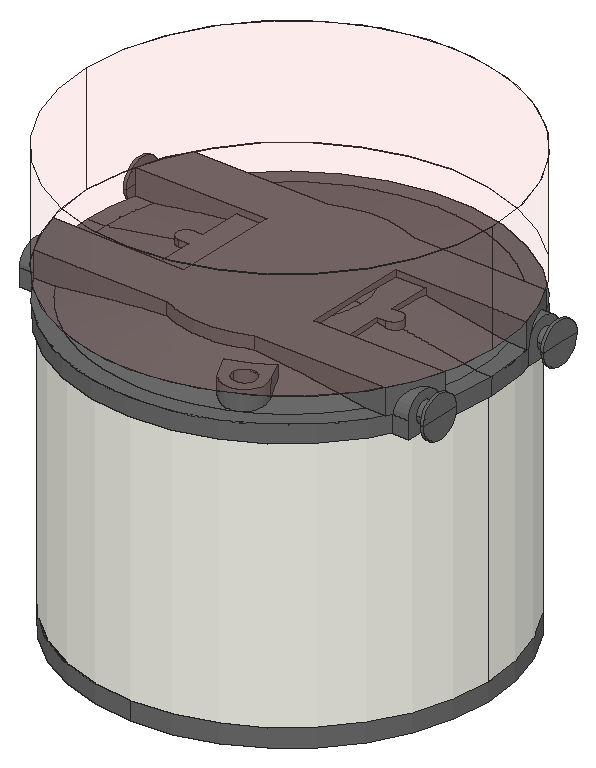
Revit family
Parameters (values of type "1098C3F")
  Watermarked By = "http://revitwatermark.com"
  Water_Ice Tank Volume = "980 Gallons"
  Warning = "Ice tanks are a component in an ice storage system including chillers, pumps, and controls. Contact CALMAC for IceBank® selection support to make sure all system components will work together properly."
  URL = "http://www.calmac.com/"
  Total Cooling Capacity [instance] = 0.0 ton
  Tank Net Usable Capacity = "98 Ton-Hrs"
  Product Page URL = "http://www.calmac.com/products/icebank.asp"
  Is Tank 1 Front Right Connector Visible = not(CTRL Off)  # yes
  Is Tank 1 Front Left Connector Visible = not(CTRL On)  # no
  Is Tank 1 Back Right Connector Visible = not(CTRL Off)  # yes
  Is Tank 1 Back Left Connector Visible = not(CTRL Off)  # yes
  Surface Finish = Plastic- Calmac- Black
  Supply Coolant Temperature [instance] = -459.67 °F
  Storage Inlet Temperature [instance] = 60 °F
  Shipping Weight = 1275.00 lbf
  Return Coolant Temperature [instance] = -459.67 °F
  Requires Plate Heat Exchanger [instance] = no
  Project/Customer = ""
  Product Documentation Link = "http://www.calmac.com/products/documents/CS-64Model1098C3FAug2007.pdf"
  Pressure Drop [instance] = 0.00 psi
  Precool Hours [instance] = 0
  Pipe Material = Plastic- Calmac- Black
  Operating Weight = 10235.00 lbf
  Occupied Hours [instance] = 0
  Model = "1098C"
  Maximum Operating Temperature = "38°C"
  Maximum Operating Pressure = "620 kPa"
  Manufacturer e-mail = "info@Calmac.com"
  Manufacturer Contact Details = "CALMAC Manufacturing Corporation Headquarters, 3-00 Banta Place, Fair Lawn, NJ  07410, Tel: (201) 797-1511, Fax: (201) 797-1522"
  Manufacturer = "CALMAC Manufacturing Corp."  # constant formula
  Main Use [instance] = ""
  Location [instance] = ""
  Lid Type = Cooling_Plant_Accessories-Calmac-IceBank-Lid_C : Lid-C
  Lid Diameter = 89"  # constant formula
  Leg 4 = 46"  # constant formula
  Leg 1 = 46"  # constant formula
  Latent Cooling Capacity [instance] = 0.0 ton
  Inlet Outlet Center Height = 64"  # constant formula
  Heat Exchanger Volume = "90 Gallons"
  Has Rigging Bar [instance] = no
  Has Plate and Frame Heat Exchanger [instance] = no
  Has Ice Inventory Meter [instance] = no
  Has Heat Transfer Fluid [instance] = no
  Has Glycol Management System [instance] = no
  Floor Loading Weight = "237 lb/sq.ft."
  Factory Tested Pressure = "1724 kPa"
  Diversity Factor [instance] = 0
  Discharge Rate [instance] = 0
  Discharge Hours [instance] = 0
  Description = "Off-Peak Cooling System"
  Is Clearance Box Visible [instance] = yes
  Clearance Box Height = 24"  # constant formula
  City/State [instance] = ""
  CTRL On = yes
  CTRL Off = not(CTRL On)  # no
  CTRL Hydronic Supply Description = "Hydronic Supply"  # constant formula
  CTRL Hydronic Return Description = "Hydronic Return"  # constant formula
  CTRL Base Radius = 43 31/64"
  Body Material = Plastic- Calmac- Off_White
  Has Solid Base [instance] = yes
  Base Height = Inlet Outlet Center Height - 3 3/4"  # 60 1/4"
  Base Finish = Plastic- Calmac- Black
  Assembly Code = "D3030300"
  Actual Chilled Water Flow [instance] = 0 GPM
Reference planes (in)
  plane 1 "Center (Front/Back)": y = 0
  plane 2 "Bottom": z = 0
  plane 3 "Center (Left/Right)": x = 0
  plane 4 "T.O. Base": z = 60.25
  plane 5 "Inlet/Outlet Center (Elevation)": z = 64
  plane 6 "Right Connector Face": x = 46
  plane 7 "Left Connector Face": x = -46
  plane 8 "T.O. Lid": z = 69.5
  plane 9 "Top": z = 93.5
  plane 10 "Front Connector Center (F/B)": y = -16.5
  plane 11 "Back Connector Center (F/B)": y = 16.5
  plane 12 "Back": y = 44.5
  plane 13 "Front": y = -44.5
Dimensions and locks (in)
  locked: plane 5 "Inlet/Outlet Center (Elevation)" to plane 4 "T.O. Base" at 3.75
  "Inlet Outlet Center Height": plane 5 "Inlet/Outlet Center (Elevation)" to plane 2 "Bottom"
  "Leg 1": plane 3 "Center (Left/Right)" to plane 6 "Right Connector Face"
  "Leg 4": plane 7 "Left Connector Face" to plane 3 "Center (Left/Right)"
  locked: plane 8 "T.O. Lid" to plane 5 "Inlet/Outlet Center (Elevation)" at 5.5
  locked: plane 1 "Center (Front/Back)" to plane 11 "Back Connector Center (F/B)" at 16.5
  locked: plane 10 "Front Connector Center (F/B)" to plane 1 "Center (Front/Back)" at 16.5
  locked: plane 1 "Center (Front/Back)" to plane 12 "Back" at 44.5
  locked: plane 13 "Front" to plane 1 "Center (Front/Back)" at 44.5
  "Clearance Box Height": plane 9 "Top" to plane 8 "T.O. Lid"
  plane 7 "Left Connector Face" to plane 6 "Right Connector Face" = 92"
  plane 13 "Front" to plane 12 "Back" = 89"
  aligned and locked: plane 1 "Center (Front/Back)" to nested 1
  aligned and locked: plane 3 "Center (Left/Right)" to nested 1
  aligned and locked: plane 3 "Center (Left/Right)" to nested 2
  aligned and locked: plane 1 "Center (Front/Back)" to nested 2
  aligned and locked: plane 4 "T.O. Base" to nested 2
  aligned and locked: plane 2 "Bottom" to nested 1
Nested families (in)
  nested 1: "Cooling_Plant_Accessories-Calmac-IceBank-Base" at (0, 0, 0), type "Base"
    with Is Symbolic Line Visible no, Has Solid Base yes, CTRL Inner Wall Radius 42 39/64", CTRL Base Radius 43 31/64", Base Height 60 1/4"
  nested 2: "Cooling_Plant_Accessories-Calmac-IceBank-Lid_C" at (0, 0, 60.25), type <- "Lid Type", Is Front Right  Flanged Connector Visibility <- "Is Tank 1 Front Right Connector Visible", Is Front Left  Flanged Connector Visibility <- "Is Tank 1 Front Left Connector Visible", Is Clearance Box Visible <- "Is Clearance Box Visible", Is Back Right Flanged Connector Visibility <- "Is Tank 1 Back Right Connector Visible", Is Back Left  Flanged Connector Visibility <- "Is Tank 1 Back Left Connector Visible", Diameter <- "Lid Diameter", Clearance Box Height <- "Clearance Box Height", type "Lid-C"
    with Is Front Right  Flanged Connector Visibility yes, Is Front Left  Flanged Connector Visibility no, Is Clearance Box Visible yes, Is Back Right Flanged Connector Visibility yes, Is Back Left  Flanged Connector Visibility yes, Diameter 89", Clearance Box Height 24", CTRL Radius 44 1/2"
Connectors (in)
  piping at (46.0007, -16.5, 64), driven by "CTRL Hydronic Return Description", driven by "Actual Chilled Water Flow"
    settings: on nested 2, index 2, connector radius 2", flow factor 0, pipe flow 0 GPM, pressure drop 0.00 psi, fitting loss kfactor 0, connector angle 0.00°, fixture units 0, flow configuration 0, flow direction 1, fitting loss method 0, system type 8, connector reference index -1, connector utility 0, adjustable connector no, is connector primary yes, fitting loss table "", connector description "Hydronic Return"
  piping at (46.0007, 16.5, 64), driven by "CTRL Hydronic Supply Description", driven by "Actual Chilled Water Flow"
    settings: on nested 2, index 3, connector radius 2", flow factor 0, pipe flow 0 GPM, pressure drop 0.00 psi, fitting loss kfactor 0, connector angle 0.00°, fixture units 0, flow configuration 0, flow direction 2, fitting loss method 0, system type 7, connector reference index -1, connector utility 0, adjustable connector no, is connector primary no, fitting loss table "", connector description "Hydronic Supply"
  piping at (-46.0007, 16.5, 64)
    settings: on nested 2, index 4, connector radius 2", flow factor 0, pipe flow 0 GPM, pressure drop 0.00 psi, fitting loss kfactor 0, connector angle 0.00°, fixture units 0, flow configuration 0, flow direction 0, fitting loss method 0, system type 7, connector reference index -1, connector utility 0, adjustable connector no, is connector primary no, fitting loss table "", connector description ""
Definition of nested family "Cooling_Plant_Accessories-Calmac-IceBank-Base"
  Parameters (values of type "Base")
    Wall Thickness = 7/8"
    URL = "http://www.calmac.com/"
    Type Comments = ""
    Is Symbolic Line Visible = not(Has Solid Base)  # yes
    Has Solid Base = no
    Model = ""
    Manufacturer = "CALMAC Manufacturing Corp."  # constant formula
    CTRL Inner Wall Radius = CTRL Base Radius - Wall Thickness  # 36"
    CTRL Base Radius = 36 7/8"
    Body Material = Plastic- Calmac- Off_White
    Base Height = 43 5/16"
    Base Finish = Plastic- Calmac- Black
    Assembly Code = "D3030"
  Reference planes (in)
    plane 1 "Center (Front/Back)": y = 0
    plane 2 "Bottom": z = 0
    plane 3 "Center (Left/Right)": x = 0
    plane 4 "Back": y = 36.875
    plane 5 "Front": y = -36.875
    plane 6 "Right": x = 36.875
    plane 7 "Left": x = -36.875
    plane 8 "T.O. Base Plate": z = 4
    plane 9 "Right Edge of Right Void": x = 24.125
    plane 10 "Left Edge of Right Void": x = 13.125
    plane 11 "Left Edge of Left Void": x = -24.125
    plane 12 "Right Edge of Left Void": x = -13.125
    plane 13 "T.O. Base Void": z = 2
    plane 14 "T.O. Base": z = 43.3125
  Forms (in)
    Extrusion 1, solid, material "Plastic- Calmac- Black" <- "Base Finish", visible <- "Is Symbolic Line Visible", detail levels fine
      sketch origin (0, 0, 0) x (1, 0, 0) y (0, 1, 0)
        loop
          circle (0, 0) r 36.875
      from 0 to 4
    Extrusion 2, void
      sketch origin (0, 0, 0) x (1, 0, 0) y (0, 1, 0)
        loop
          line (-24.125, 36.875) -> (-24.125, -36.875) -> (-13.125, -36.875) -> (-13.125, 36.875) -> (-24.125, 36.875)
        loop
          line (13.125, 36.875) -> (13.125, -36.875) -> (24.125, -36.875) -> (24.125, 36.875) -> (13.125, 36.875)
      from 0 to 2
    Extrusion 3, solid, material "Plastic- Calmac- Off_White" <- "Body Material", detail levels fine
      sketch origin (0, 0, 0) x (1, 0, 0) y (0, 1, 0)
        loop
          circle (0, 0) r 36.875
        loop
          circle (0, 0) r 36
      from 4 to 43.3125
    Extrusion 4, solid, material "Plastic- Calmac- Black" <- "Base Finish", visible <- "Has Solid Base", detail levels fine
      sketch origin (0, 0, 43.3125) x (0, -1, 0) y (1, 0, 0)
        loop
          circle (0, 0) r 36.875
      from -43.3125 to -39.3125
  Cuts and joins
    Extrusion 2 cuts Extrusion 3
    Extrusion 2 cuts Extrusion 1
  Lines and regions (in)
    Masking region 1
      outline origin (0, 0, 0) x (1, 0, 0) y (0, 1, 0)
        loop
          circle (0, 0) r 36.875
    Masking region 2
      outline origin (0, 0, 0) x (1, 0, 0) y (0, 0, 1)
        loop
          line (-36.875, 0) -> (36.875, 0) -> (36.875, 43.3125) -> (-36.875, 43.3125) -> (-36.875, 0)
    Masking region 3
      outline origin (0, 0, 0) x (0, 1, 0) y (0, 0, 1)
        loop
          line (-36.875, 0) -> (36.875, 0) -> (36.875, 43.3125) -> (-36.875, 43.3125) -> (-36.875, 0)
    symbolic lines, style "Base", detail levels medium+fine
      curve 1: line (-36.875, 0, 4) -> (36.875, 0, 4)
      curve 8: line (0, -36.875, 4) -> (0, 36.875, 4)
    symbolic lines, style "Base", visible <- "Is Symbolic Line Visible", detail levels medium+fine
      curve 2: line (-24.125, 0, 0) -> (-24.125, 0, 2)
      curve 3: line (-24.125, 0, 2) -> (-13.125, 0, 2)
      curve 4: line (13.125, 0, 2) -> (24.125, 0, 2)
      curve 5: line (13.125, 0, 0) -> (13.125, 0, 2)
      curve 6: line (24.125, 0, 0) -> (24.125, 0, 2)
      curve 7: line (-13.125, 0, 0) -> (-13.125, 0, 2)
    model lines, style "Base", detail levels medium
      curve 9: circle (0, 0, 43.3125) r 36.875 normal (0, 0, 1)
      curve 10: circle (0, 0, 4) r 36.875 normal (0, 0, 1)
      curve 11: circle (0, 0, 0) r 36.875 normal (0, 0, 1)
      curve 12: line (36.875, 0, 0) -> (36.875, 0, 43.3125)
      curve 13: line (-36.875, 0, 0) -> (-36.875, 0, 43.3125)
      curve 14: line (0, -36.875, 0) -> (0, -36.875, 43.3125)
      curve 15: line (0, 36.875, 0) -> (0, 36.875, 43.3125)
    model lines, style "Base", detail levels coarse
      curve 16: line (0, 0, 0) -> (0, 0, 43.3125)
  Dimensions and locks (in)
    locked: plane 7 "Left" to plane 11 "Left Edge of Left Void" at 12.75
    locked: plane 7 "Left" to plane 12 "Right Edge of Left Void" at 23.75
    locked: plane 9 "Right Edge of Right Void" to plane 6 "Right" at 12.75
    locked: plane 10 "Left Edge of Right Void" to plane 6 "Right" at 23.75
    "CTRL Base Radius": plane 7 "Left" to plane 3 "Center (Left/Right)"
    "CTRL Base Radius": plane 3 "Center (Left/Right)" to plane 6 "Right"
    "CTRL Base Radius": plane 1 "Center (Front/Back)" to plane 4 "Back"
    "CTRL Base Radius": plane 5 "Front" to plane 1 "Center (Front/Back)"
    locked: plane 8 "T.O. Base Plate" to plane 2 "Bottom" at 4
    "Base Height": plane 14 "T.O. Base" to plane 2 "Bottom"
    locked: plane 13 "T.O. Base Void" to plane 2 "Bottom" at 2
    "CTRL Base Radius": radius of Extrusion 1 sketch curve
    "CTRL Base Radius": radius of Extrusion 3 sketch curve
    "CTRL Inner Wall Radius": radius of Extrusion 3 sketch curve
    "CTRL Base Radius": radius of Masking region 1 sketch curve
    "CTRL Base Radius": radius of curve 9
    "CTRL Base Radius": radius of curve 10
    "CTRL Base Radius": radius of curve 11
    "CTRL Base Radius": radius of Extrusion 4 sketch curve
    aligned and locked: plane 3 "Center (Left/Right)" to Extrusion 1 sketch curve
    aligned and locked: plane 1 "Center (Front/Back)" to Extrusion 1 sketch curve
    aligned and locked: Extrusion 1 to plane 2 "Bottom"
    aligned and locked: plane 8 "T.O. Base Plate" to Extrusion 1
    aligned and locked: plane 2 "Bottom" to Extrusion 1
    aligned and locked: Extrusion 2 sketch curve to plane 4 "Back"  (x2)
    aligned and locked: Extrusion 2 sketch curve to plane 12 "Right Edge of Left Void"
    aligned and locked: plane 11 "Left Edge of Left Void" to Extrusion 2 sketch curve
    aligned and locked: Extrusion 2 sketch curve to plane 5 "Front"  (x2)
    aligned and locked: Extrusion 2 sketch curve to plane 10 "Left Edge of Right Void"
    aligned and locked: Extrusion 2 sketch curve to plane 9 "Right Edge of Right Void"
    aligned and locked: plane 13 "T.O. Base Void" to Extrusion 2
    aligned and locked: Extrusion 2 to plane 2 "Bottom"
    aligned and locked: Extrusion 2 to plane 5 "Front"
    aligned and locked: plane 4 "Back" to Extrusion 2
    aligned and locked: Extrusion 2 to plane 13 "T.O. Base Void"  (x2)
    aligned and locked: plane 11 "Left Edge of Left Void" to Extrusion 2
    aligned and locked: plane 2 "Bottom" to Extrusion 2  (x2)
    aligned and locked: Extrusion 2 to plane 12 "Right Edge of Left Void"
    aligned and locked: plane 10 "Left Edge of Right Void" to Extrusion 2
    aligned and locked: Extrusion 2 to plane 9 "Right Edge of Right Void"
    aligned and locked: plane 3 "Center (Left/Right)" to Extrusion 3 sketch curve  (x2)
    aligned and locked: plane 1 "Center (Front/Back)" to Extrusion 3 sketch curve  (x2)
    aligned and locked: Extrusion 3 to plane 8 "T.O. Base Plate"
    aligned and locked: plane 14 "T.O. Base" to Extrusion 3
    aligned and locked: plane 3 "Center (Left/Right)" to Masking region 1 sketch curve
    aligned and locked: plane 1 "Center (Front/Back)" to Masking region 1 sketch curve
    aligned and locked: Masking region 2 sketch curve to plane 14 "T.O. Base"
    aligned and locked: plane 6 "Right" to Masking region 2 sketch curve
    aligned and locked: plane 2 "Bottom" to Masking region 2 sketch curve
    aligned and locked: Masking region 2 sketch curve to plane 7 "Left"
    aligned and locked: plane 7 "Left" to curve 1
    aligned and locked: plane 6 "Right" to curve 1
    aligned and locked: curve 1 to plane 8 "T.O. Base Plate"
    aligned and locked: plane 11 "Left Edge of Left Void" to curve 3
    aligned and locked: plane 12 "Right Edge of Left Void" to curve 3
    aligned and locked: curve 3 to plane 13 "T.O. Base Void"
    aligned and locked: plane 2 "Bottom" to curve 2
    aligned and locked: curve 2 to plane 11 "Left Edge of Left Void"
    aligned and locked: plane 10 "Left Edge of Right Void" to curve 4
    aligned and locked: plane 9 "Right Edge of Right Void" to curve 4
    aligned and locked: plane 13 "T.O. Base Void" to curve 5
    aligned and locked: plane 13 "T.O. Base Void" to curve 6
    aligned and locked: plane 2 "Bottom" to curve 5
    aligned and locked: curve 5 to plane 10 "Left Edge of Right Void"
    aligned and locked: curve 6 to plane 9 "Right Edge of Right Void"
    aligned and locked: plane 13 "T.O. Base Void" to curve 7
    aligned and locked: plane 2 "Bottom" to curve 7
    aligned and locked: curve 7 to plane 12 "Right Edge of Left Void"
    aligned and locked: plane 5 "Front" to Masking region 3 sketch curve
    aligned and locked: plane 14 "T.O. Base" to Masking region 3 sketch curve
    aligned and locked: Masking region 3 sketch curve to plane 4 "Back"
    aligned and locked: plane 2 "Bottom" to Masking region 3 sketch curve
    aligned and locked: plane 4 "Back" to curve 8
    aligned and locked: plane 5 "Front" to curve 8
    aligned and locked: curve 8 to plane 8 "T.O. Base Plate"
    aligned and locked: plane 3 "Center (Left/Right)" to curve 9
    aligned and locked: plane 1 "Center (Front/Back)" to curve 9
    aligned and locked: curve 9 to plane 14 "T.O. Base"
    aligned and locked: curve 10 to plane 8 "T.O. Base Plate"
    aligned and locked: plane 3 "Center (Left/Right)" to curve 10
    aligned and locked: plane 1 "Center (Front/Back)" to curve 10
    aligned: curve 11 to plane 2 "Bottom"
    aligned and locked: plane 3 "Center (Left/Right)" to curve 11
    aligned and locked: plane 1 "Center (Front/Back)" to curve 11
    aligned and locked: plane 14 "T.O. Base" to curve 12
    aligned and locked: plane 14 "T.O. Base" to curve 13
    aligned and locked: plane 2 "Bottom" to curve 12
    aligned and locked: plane 2 "Bottom" to curve 13
    aligned and locked: curve 12 to plane 6 "Right"
    aligned and locked: curve 13 to plane 7 "Left"
    aligned and locked: curve 12 to plane 1 "Center (Front/Back)"
    aligned and locked: curve 13 to plane 1 "Center (Front/Back)"
    aligned and locked: plane 14 "T.O. Base" to curve 14
    aligned and locked: plane 14 "T.O. Base" to curve 15
    aligned and locked: plane 2 "Bottom" to curve 14
    aligned and locked: plane 2 "Bottom" to curve 15
    aligned and locked: plane 4 "Back" to curve 15
    aligned and locked: plane 5 "Front" to curve 14
    aligned and locked: plane 3 "Center (Left/Right)" to curve 14
    aligned and locked: plane 3 "Center (Left/Right)" to curve 15
    aligned and locked: plane 14 "T.O. Base" to curve 16
    aligned and locked: plane 2 "Bottom" to curve 16
    aligned and locked: plane 3 "Center (Left/Right)" to curve 16
    aligned and locked: curve 16 to plane 1 "Center (Front/Back)"
    aligned and locked: plane 1 "Center (Front/Back)" to Extrusion 4 sketch curve
    aligned and locked: plane 3 "Center (Left/Right)" to Extrusion 4 sketch curve
    aligned and locked: plane 8 "T.O. Base Plate" to Extrusion 4
    aligned and locked: Extrusion 4 to plane 2 "Bottom"
  Automatic sketch dimensions
    curve 6 to level = 0"
Definition of nested family "Cooling_Plant_Accessories-Calmac-IceBank-Lid_C"
  Parameters (values of type "Lid-C")
    Surface Finish = Plastic- Calmac- Black
    Pipe Material = Plastic- Calmac- Black
    Is Front Right  Flanged Connector Visibility [instance] = yes
    Is Front Left  Flanged Connector Visibility [instance] = yes
    Diameter [instance] = 88 5/8"
    Is Clearance Box Visible [instance] = yes
    Clearance Box Height [instance] = 36"
    CTRL Radius [instance] = Diameter / 2  # 44 5/16"
    Is Back Right Flanged Connector Visibility [instance] = yes
    Is Back Left  Flanged Connector Visibility [instance] = yes
  Reference planes (in)
    plane 1 "Center (Front/Back)": y = 0
    plane 2 "Bottom": z = 0
    plane 3 "Center (Left/Right)": x = 0
    plane 4 "Back": y = 44.315
    plane 5 "Back Connector Back": y = 20.75
    plane 6 "Back Connector Center": y = 16.5
    plane 7 "Back Connector Front": y = 12.25
    plane 8 "Piping Back": y = 21.88647
    plane 9 "Rigging Back": y = 11.25
    plane 10 "Rigging Loop Back": y = 2
    plane 11 "Top Back Edge": y = 24
    plane 12 "Back Inset": y = 40.5
    plane 13 "Back Bolt Front": y = 41.313
    plane 14 "Front": y = -44.315
    plane 15 "Front Connection Front": y = -20.75
    plane 16 "Fron Connector Center": y = -16.5
    plane 17 "Front Connector Back": y = -12.25
    plane 18 "Piping Front": y = -21.88647
    plane 19 "Rigging Front": y = -11.25
    plane 20 "Rigging Loop Front": y = -2
    plane 21 "Top Front Edge": y = -24
    plane 22 "Front Inset": y = -40.5
    plane 23 "Pad Eye Back Right": y = -25.81593
    plane 24 "Pad Eye Back Left Offset": y = -29.90257
    plane 25 "Pad Eye Hole": y = -34.65277
    plane 26 "Pad Eye Back Left": y = -29.72849
    plane 27 "Pad Eye Front Center": y = -36.16371
    plane 28 "Left Connection": x = -44.04297
    plane 29 "Left": x = -44.31273
    plane 30 "Left Lip Inset": x = -40.49773
    plane 31 "Left Rigging Loop Left": x = -24.67173
    plane 32 "Left Rigging Loop Inset": x = -21.42181
    plane 33 "Left Rigging Loop Right": x = -20.67011
    plane 34 "Left Rigging Right": x = -14.19546
    plane 35 "Top Left": x = -9.54335
    plane 36 "Right Connection": x = 44.04297
    plane 37 "Right": x = 44.31273
    plane 38 "Lid Inset Right": x = 40.49773
    plane 39 "Right Rigging Loop Right": x = 24.67173
    plane 40 "Right Rigging Loop Inset": x = 21.42181
    plane 41 "Right Rigging Loop Left": x = 20.67011
    plane 42 "Right Rigging Left": x = 14.19546
    plane 43 "Top Right": x = 9.54335
    plane 44 "Connection Sleeve Left": x = -42.58273
    plane 45 "Connection Sleeve Right": x = 42.58273
    plane 46 "Right Center": x = 17.8202
    plane 47 "Bolt Inset Right": x = 1.00017
    plane 48 "Bolt Inset Left": x = -1.00017
    plane 49 "Bolt Inset Center": y = 42.31422
    plane 50 "Top Left Inset": x = -38.53052
    plane 51 "Top Right Inset": x = 38.53052
    plane 52 "Right Side Chanel": x = 42.86089
    plane 53 "Left Side Channel": x = -42.86089
    plane 54 "Top of Clearance Box": z = 45.25
    plane 55 "Top": z = 9.25
    plane 56 "Connector Channel Top": z = 8
    plane 57 "Center (Elevation)": z = 3.75
    plane 58 "Front Inset 2": y = -36.85443
    plane 59 "Flange Left": x = -46.0007
    plane 60 "Flange Right": x = 46.0007
  Forms (in)
    Revolve 1, solid, material "Plastic- Calmac- Black" <- "Surface Finish", detail levels fine
      sketch origin (0, 0, 0) x (1, 0, 0) y (0, 0, 1)
        loop
          line (0, 9) -> (0, 0) -> (44.31273, 0) -> (44.31273, 3.75) -> (40.49773, 3.75) -> (9.54335, 9) -> (0, 9)
        axis (0, 9) -> (0, 0)
      angle from 0 to 360
    Extrusion 2, solid, material "Plastic- Calmac- Black" <- "Surface Finish", detail levels fine
      sketch origin (0, 0, 0) x (1, 0, 0) y (0, 1, 0)
        loop
          arc (-38.53052, 21.88647) -> (-41.04173, 16.70911) -> (-42.86089, 11.25) r 44.31273
          line (-42.86089, 11.25) -> (-14.19546, 11.25) -> (-14.19546, -11.25) -> (-42.86089, -11.25)
          arc (-42.86089, -11.25) -> (-41.04173, -16.70911) -> (-38.53052, -21.88647) r 44.31273
          line (-38.53052, -21.88647) -> (-9.54335, -21.88647)
          arc (-9.54335, -21.88647) -> (0, -24) -> (9.54335, -21.88647) r 22.60261
          line (9.54335, -21.88647) -> (38.53052, -21.88647)
          arc (38.53052, -21.88647) -> (41.04173, -16.70911) -> (42.86089, -11.25) r 44.31273
          line (42.86089, -11.25) -> (14.19546, -11.25) -> (14.19546, 11.25) -> (42.86089, 11.25)
          arc (42.86089, 11.25) -> (41.04173, 16.70911) -> (38.53052, 21.88647) r 44.31273
          line (38.53052, 21.88647) -> (9.54335, 21.88647)
          arc (9.54335, 21.88647) -> (0, 24) -> (-9.54335, 21.88647) r 22.60261
          line (-9.54335, 21.88647) -> (-38.53052, 21.88647)
      from 3.75 to 9.25
    Extrusion 3, solid, material "Plastic- Calmac- Black" <- "Surface Finish", detail levels fine
      sketch origin (0, 0, 0) x (0, 1, 0) y (0, 0, 1)
        loop
          arc (20.75, 3.75) -> (16.5, 8) -> (12.25, 3.75) r 4.25
          line (12.25, 3.75) -> (12.25, 0) -> (20.75, 0) -> (20.75, 3.75)
        loop
          arc (-12.25, 3.75) -> (-16.5, 8) -> (-20.75, 3.75) r 4.25
          line (-20.75, 3.75) -> (-20.75, 0) -> (-12.25, 0) -> (-12.25, 3.75)
      from -42.58273 to 42.58273
    Extrusion 4, solid, material "Plastic- Calmac- Black" <- "Surface Finish", detail levels fine
      sketch origin (0, 0, 0) x (1, 0, 0) y (0, 1, 0)
        loop
          circle (15.75299, -32.19443) r 2.46875
        loop
          arc (17.70624, -25.58301) -> (13.67455, -27.9461) -> (9.33437, -29.67863) r 31.11
          line (9.33437, -29.67863) -> (11.56709, -34.24232)
          arc (11.56709, -34.24232) -> (17.80089, -36.38032) -> (19.93889, -30.14653) r 4.66
          line (19.93889, -30.14653) -> (17.70624, -25.58301)
      from 3.75 to 8
    Extrusion 5, solid, material "Plastic- Calmac- Black" <- "Surface Finish", detail levels fine
      sketch origin (0, 0, 0) x (1, 0, 0) y (0, 1, 0)
        loop
          line (-20.67011, 11.25) -> (-20.67011, 2) -> (-22.67173, 2)
          arc (-22.67173, 2) -> (-24.67173, 0) -> (-22.67173, -2) r 2
          line (-22.67173, -2) -> (-20.67011, -2) -> (-20.67011, -11.25) -> (-14.19546, -11.25) -> (-14.19546, 11.25) -> (-20.67011, 11.25)
        loop
          line (20.67011, 2) -> (20.67011, 11.25) -> (14.19546, 11.25) -> (14.19546, -11.25) -> (20.67011, -11.25) -> (20.67011, -2) -> (22.67548, -2)
          arc (22.67548, -2) -> (24.67548, 0) -> (22.67548, 2) r 2
          line (22.67548, 2) -> (20.67011, 2)
      from 3.75 to 8
  Cuts and joins
    joined: Revolve 1, Extrusion 2, Extrusion 4, Extrusion 5
  Lines and regions (in)
    Masking region 1
      outline origin (0, 0, 0) x (1, 0, 0) y (0, 0, 1)
        loop
          line (-44.31273, 9.25) -> (-44.31273, 0) -> (44.31273, 0) -> (44.31273, 9.25) -> (-44.31273, 9.25)
    Masking region 2
      outline origin (0, 0, 0) x (0, 1, 0) y (0, 0, 1)
        loop
          line (44.315, 3.75) -> (40.5, 3.75) -> (24, 6.54801) -> (24, 9.25) -> (-24, 9.25) -> (-24, 6.54801) -> (-25.58301, 6.26888) -> (-25.58301, 8) -> (-36.85443, 8) -> (-36.85443, 4.39281) -> (-40.5, 3.75) -> (-44.315, 3.75) -> (-44.315, 0) -> (44.315, 0) -> (44.315, 3.75)
    Masking region 3
      outline origin (0, 0, 3.75) x (-1, 0, 0) y (0, -1, 0)
        loop
          arc (-44.31273, 0) -> (-43.8781, -6.19116) -> (-42.58273, -12.26088) r 44.31273
          line (-42.58273, -12.26088) -> (-42.58273, -20.75) -> (-39.15426, -20.75)
          arc (-39.15426, -20.75) -> (0, -44.31273) -> (39.15426, -20.75) r 44.31273
          line (39.15426, -20.75) -> (42.58273, -20.75) -> (42.58273, -12.26088)
          arc (42.58273, -12.26088) -> (43.8781, -6.19116) -> (44.31273, 0) r 44.31273
          arc (44.31273, 0) -> (43.8781, 6.19116) -> (42.58273, 12.26088) r 44.31273
          line (42.58273, 12.26088) -> (42.58273, 20.75) -> (39.15426, 20.75)
          arc (39.15426, 20.75) -> (0, 44.31273) -> (-39.15426, 20.75) r 44.31273
          line (-39.15426, 20.75) -> (-42.58273, 20.75) -> (-42.58273, 12.26088)
          arc (-42.58273, 12.26088) -> (-43.8781, 6.19116) -> (-44.31273, 0) r 44.31273
    symbolic lines, detail levels fine
      curve 1: line (1.00017, 44.315, 3.75) -> (1.00017, 42.31422, 3.75)
      curve 2: line (-1.00017, 44.315, 3.75) -> (-1.00017, 42.31422, 3.75)
      curve 3: arc (-1.00017, 42.31422, 3.75) -> (0, 41.31405, 3.75) -> (1.00017, 42.31422, 3.75) r 1.00017
      curve 4: line (10.83611, 42.98137, 3.75) -> (10.39089, 41.03076, 3.75)
      curve 5: line (8.88592, 43.42649, 3.75) -> (8.44071, 41.47588, 3.75)
      curve 6: arc (8.44071, 41.47588, 3.75) -> (9.19324, 40.27822, 3.75) -> (10.39089, 41.03076, 3.75) r 1.00017
      curve 7: line (-8.88592, 43.42649, 3.75) -> (-8.44071, 41.47588, 3.75)
      curve 8: line (-10.83611, 42.98137, 3.75) -> (-10.39089, 41.03076, 3.75)
      curve 9: arc (-10.39089, 41.03076, 3.75) -> (-9.19324, 40.27822, 3.75) -> (-8.44071, 41.47588, 3.75) r 1.00017
      curve 10: line (-18.32644, 40.36039, 3.75) -> (-17.45833, 38.55775, 3.75)
      curve 11: line (-20.12868, 39.49248, 3.75) -> (-19.26058, 37.68984, 3.75)
      curve 12: arc (-19.26058, 37.68984, 3.75) -> (-17.9255, 37.22267, 3.75) -> (-17.45833, 38.55775, 3.75) r 1.00017
      curve 13: line (-26.84799, 35.27046, 3.75) -> (-25.60052, 33.70619, 3.75)
      curve 14: line (-28.41192, 34.02327, 3.75) -> (-27.16445, 32.45899, 3.75)
      curve 15: arc (-27.16445, 32.45899, 3.75) -> (-25.75889, 32.30063, 3.75) -> (-25.60052, 33.70619, 3.75) r 1.00017
      curve 16: line (-34.02327, 28.41192, 3.75) -> (-32.45899, 27.16445, 3.75)
      curve 17: line (-35.27046, 26.84799, 3.75) -> (-33.70619, 25.60052, 3.75)
      curve 18: arc (-33.70619, 25.60052, 3.75) -> (-32.30063, 25.75889, 3.75) -> (-32.45899, 27.16445, 3.75) r 1.00017
      curve 19: line (-42.98137, 10.83611, 3.75) -> (-41.03076, 10.39089, 3.75)
      curve 20: line (-43.42649, 8.88592, 3.75) -> (-41.47588, 8.44071, 3.75)
      curve 21: arc (-41.47588, 8.44071, 3.75) -> (-40.27822, 9.19324, 3.75) -> (-41.03076, 10.39089, 3.75) r 1.00017
      curve 22: line (-44.315, 1.00017, 3.75) -> (-42.31422, 1.00017, 3.75)
      curve 23: line (-44.315, -1.00017, 3.75) -> (-42.31422, -1.00017, 3.75)
      curve 24: arc (-42.31422, -1.00017, 3.75) -> (-41.31405, 0, 3.75) -> (-42.31422, 1.00017, 3.75) r 1.00017
      curve 25: line (-43.42649, -8.88592, 3.75) -> (-41.47588, -8.44071, 3.75)
      curve 26: line (-42.98137, -10.83611, 3.75) -> (-41.03076, -10.39089, 3.75)
      curve 27: arc (-41.03076, -10.39089, 3.75) -> (-40.27822, -9.19324, 3.75) -> (-41.47588, -8.44071, 3.75) r 1.00017
      curve 28: line (-35.27046, -26.84799, 3.75) -> (-33.70619, -25.60052, 3.75)
      curve 29: line (-34.02327, -28.41192, 3.75) -> (-32.45899, -27.16445, 3.75)
      curve 30: arc (-32.45899, -27.16445, 3.75) -> (-32.30063, -25.75889, 3.75) -> (-33.70619, -25.60052, 3.75) r 1.00017
      curve 31: line (-28.41192, -34.02327, 3.75) -> (-27.16445, -32.45899, 3.75)
      curve 32: line (-26.84799, -35.27046, 3.75) -> (-25.60052, -33.70619, 3.75)
      curve 33: arc (-25.60052, -33.70619, 3.75) -> (-25.75889, -32.30063, 3.75) -> (-27.16445, -32.45899, 3.75) r 1.00017
      curve 34: line (-20.12868, -39.49248, 3.75) -> (-19.26058, -37.68984, 3.75)
      curve 35: line (-18.32644, -40.36039, 3.75) -> (-17.45833, -38.55775, 3.75)
      curve 36: arc (-17.45833, -38.55775, 3.75) -> (-17.9255, -37.22267, 3.75) -> (-19.26058, -37.68984, 3.75) r 1.00017
      curve 37: line (-10.83611, -42.98137, 3.75) -> (-10.39089, -41.03076, 3.75)
      curve 38: line (-8.88592, -43.42649, 3.75) -> (-8.44071, -41.47588, 3.75)
      curve 39: arc (-8.44071, -41.47588, 3.75) -> (-9.19324, -40.27822, 3.75) -> (-10.39089, -41.03076, 3.75) r 1.00017
      curve 40: line (-1.00017, -44.315, 3.75) -> (-1.00017, -42.31422, 3.75)
      curve 41: line (1.00017, -44.315, 3.75) -> (1.00017, -42.31422, 3.75)
      curve 42: arc (1.00017, -42.31422, 3.75) -> (0, -41.31405, 3.75) -> (-1.00017, -42.31422, 3.75) r 1.00017
      curve 43: line (8.88592, -43.42649, 3.75) -> (8.44071, -41.47588, 3.75)
      curve 44: line (10.83611, -42.98137, 3.75) -> (10.39089, -41.03076, 3.75)
      curve 45: arc (10.39089, -41.03076, 3.75) -> (9.19324, -40.27822, 3.75) -> (8.44071, -41.47588, 3.75) r 1.00017
      curve 46: line (18.32644, -40.36039, 3.75) -> (17.45833, -38.55775, 3.75)
      curve 47: line (20.12868, -39.49248, 3.75) -> (19.26058, -37.68984, 3.75)
      curve 48: arc (19.26058, -37.68984, 3.75) -> (17.9255, -37.22267, 3.75) -> (17.45833, -38.55775, 3.75) r 1.00017
      curve 49: line (26.84799, -35.27046, 3.75) -> (25.60052, -33.70619, 3.75)
      curve 50: line (28.41192, -34.02327, 3.75) -> (27.16445, -32.45899, 3.75)
      curve 51: arc (27.16445, -32.45899, 3.75) -> (25.75889, -32.30063, 3.75) -> (25.60052, -33.70619, 3.75) r 1.00017
      curve 52: line (34.02327, -28.41192, 3.75) -> (32.45899, -27.16445, 3.75)
      curve 53: line (35.27046, -26.84799, 3.75) -> (33.70619, -25.60052, 3.75)
      curve 54: arc (33.70619, -25.60052, 3.75) -> (32.30063, -25.75889, 3.75) -> (32.45899, -27.16445, 3.75) r 1.00017
      curve 55: line (42.98137, -10.83611, 3.75) -> (41.03076, -10.39089, 3.75)
      curve 56: line (43.42649, -8.88592, 3.75) -> (41.47588, -8.44071, 3.75)
      curve 57: arc (41.47588, -8.44071, 3.75) -> (40.27822, -9.19324, 3.75) -> (41.03076, -10.39089, 3.75) r 1.00017
      curve 58: line (44.315, -1.00017, 3.75) -> (42.31422, -1.00017, 3.75)
      curve 59: line (44.315, 1.00017, 3.75) -> (42.31422, 1.00017, 3.75)
      curve 60: arc (42.31422, 1.00017, 3.75) -> (41.31405, 0, 3.75) -> (42.31422, -1.00017, 3.75) r 1.00017
      curve 61: line (43.42649, 8.88592, 3.75) -> (41.47588, 8.44071, 3.75)
      curve 62: line (42.98137, 10.83611, 3.75) -> (41.03076, 10.39089, 3.75)
      curve 63: arc (41.03076, 10.39089, 3.75) -> (40.27822, 9.19324, 3.75) -> (41.47588, 8.44071, 3.75) r 1.00017
      curve 64: line (35.27046, 26.84799, 3.75) -> (33.70619, 25.60052, 3.75)
      curve 65: line (34.02327, 28.41192, 3.75) -> (32.45899, 27.16445, 3.75)
      curve 66: arc (32.45899, 27.16445, 3.75) -> (32.30063, 25.75889, 3.75) -> (33.70619, 25.60052, 3.75) r 1.00017
      curve 67: line (28.41192, 34.02327, 3.75) -> (27.16445, 32.45899, 3.75)
      curve 68: line (26.84799, 35.27046, 3.75) -> (25.60052, 33.70619, 3.75)
      curve 69: arc (25.60052, 33.70619, 3.75) -> (25.75889, 32.30063, 3.75) -> (27.16445, 32.45899, 3.75) r 1.00017
      curve 70: line (20.12868, 39.49248, 3.75) -> (19.26058, 37.68984, 3.75)
      curve 71: line (18.32644, 40.36039, 3.75) -> (17.45833, 38.55775, 3.75)
      curve 72: arc (17.45833, 38.55775, 3.75) -> (17.9255, 37.22267, 3.75) -> (19.26058, 37.68984, 3.75) r 1.00017
    symbolic lines, style "Thermal Energy Storage", detail levels medium+fine
      curve 73: arc (0, 20.75, 3.75) -> (0, 16.5, 8) -> (0, 12.25, 3.75) r 4.25
      curve 74: line (0, 20.75, 0) -> (0, 20.75, 3.75)
      curve 75: line (0, 12.25, 3.75) -> (0, 12.25, 0)
      curve 77: line (0, 21.88647, 3.75) -> (0, 21.88647, 9.25)
      curve 78: line (0, 21.88647, 3.75) -> (0, 40.5, 3.75)
      curve 80: line (0, -11.25, 3.75) -> (0, -11.25, 9.25)
      curve 86: line (0, 11.25, 9.25) -> (0, 11.25, 3.75)
      curve 87: line (0, 11.25, 3.75) -> (0, -11.25, 3.75)
      curve 88: arc (0, -12.25, 3.75) -> (0, -16.5, 8) -> (0, -20.75, 3.75) r 4.25
      curve 89: line (0, -12.25, 0) -> (0, -12.25, 3.75)
      curve 90: line (0, -20.75, 3.75) -> (0, -20.75, 0)
      curve 95: line (0, -21.88647, 9.25) -> (0, -21.88647, 3.75)
      curve 96: line (0, -21.88647, 3.75) -> (0, -40.49773, 3.75)
      curve 98: line (-38.53052, 0, 3.75) -> (38.53052, 0, 3.75)
      curve 100: line (-38.53052, 0, 3.75) -> (-38.53052, 0, 9.25)
      curve 110: line (38.53052, 0, 3.75) -> (38.53052, 0, 9.25)
      curve 121: line (-9.54335, 21.88647, 3.75) -> (-38.53052, 21.88647, 3.75)
      curve 122: arc (-38.53052, 21.88647, 3.75) -> (-41.04173, 16.70911, 3.75) -> (-42.86089, 11.25, 3.75) r 44.31273
      curve 123: line (-42.86089, 11.25, 3.75) -> (-14.19546, 11.25, 3.75)
      curve 124: line (-14.19546, 11.25, 3.75) -> (-14.19546, -11.25, 3.75)
      curve 125: line (-14.19546, -11.25, 3.75) -> (-42.86089, -11.25, 3.75)
      curve 126: arc (-42.86089, -11.25, 3.75) -> (-41.04173, -16.70911, 3.75) -> (-38.53052, -21.88647, 3.75) r 44.31273
      curve 127: line (-38.53052, -21.88647, 3.75) -> (-9.54335, -21.88647, 3.75)
      curve 128: arc (-9.54335, -21.88647, 3.75) -> (0, -24, 3.75) -> (9.54335, -21.88647, 3.75) r 22.60261
      curve 129: line (9.54335, -21.88647, 3.75) -> (38.53052, -21.88647, 3.75)
      curve 130: arc (38.53052, -21.88647, 3.75) -> (41.04173, -16.70911, 3.75) -> (42.86089, -11.25, 3.75) r 44.31273
      curve 131: line (42.86089, -11.25, 3.75) -> (14.19546, -11.25, 3.75)
      curve 132: line (14.19546, -11.25, 3.75) -> (14.19546, 11.25, 3.75)
      curve 133: line (14.19546, 11.25, 3.75) -> (42.86089, 11.25, 3.75)
      curve 134: arc (42.86089, 11.25, 3.75) -> (41.04173, 16.70911, 3.75) -> (38.53052, 21.88647, 3.75) r 44.31273
      curve 135: line (38.53052, 21.88647, 3.75) -> (9.54335, 21.88647, 3.75)
      curve 136: arc (9.54335, 21.88647, 3.75) -> (0, 24, 3.75) -> (-9.54335, 21.88647, 3.75) r 22.60261
      curve 165: arc (-34.07417, -21.88647, 3.75) -> (0, -40.51236, 3.75) -> (34.07417, -21.88647, 3.75) r 40.48056
      curve 166: arc (-38.90378, -11.25, 3.75) -> (-40.49773, 0, 3.75) -> (-38.90378, 11.25, 3.75) r 40.49773
      curve 167: arc (-34.07417, 21.88647, 3.75) -> (0, 40.5, 3.75) -> (34.07417, 21.88647, 3.75) r 40.49507
      curve 168: arc (38.90378, 11.25, 3.75) -> (40.49773, 0, 3.75) -> (38.90378, -11.25, 3.75) r 40.49773
    symbolic lines, style "Thermal Energy Storage", detail levels fine
      curve 76: line (0, 24, 6.54801) -> (0, 21.87678, 6.54801)
      curve 79: arc (0, -2, 7.09716) -> (0, -6.62882, 6.93697) -> (0, -11.25, 6.62646) r 142.52273
      curve 81: line (0, -11.25, 8) -> (0, -2, 8)
      curve 82: line (0, -2, 8) -> (0, -2, 6.75604)
      curve 83: arc (0, 11.25, 6.62646) -> (0, 6.62882, 6.93697) -> (0, 2, 7.09716) r 142.52273
      curve 84: line (0, 2, 6.75593) -> (0, 2, 8)
      curve 85: line (0, 2, 8) -> (0, 11.25, 8)
      curve 91: line (0, -36.85495, 4.39272) -> (0, -25.60206, 6.37691)
      curve 92: line (0, -24, 6.54801) -> (0, -21.9107, 6.54801)
      curve 93: spline (0, -1.99864, 6.75604) -> (0, -1.98159, 6.71429) -> (0, -1.93074, 6.67324) -> (0, -1.84694, 6.63358) -> (0, -1.73161, 6.59599) -> (0, -1.58672, 6.56109) -> (0, -1.4147, 6.52948) -> (0, -1.21849, 6.50169) -> (0, -1.0014, 6.4782) -> (0, -0.7671, 6.45941) -> (0, -0.51958, 6.44563) -> (0, -0.26302, 6.43709) -> (0, -0.00177, 6.43395)
      curve 94: spline (0, -0.00177, 6.43395) -> (0, 0.25981, 6.43472) -> (0, 0.51674, 6.44125) -> (0, 0.76466, 6.45344) -> (0, 0.99936, 6.47108) -> (0, 1.21686, 6.49387) -> (0, 1.41346, 6.52142) -> (0, 1.58583, 6.55326) -> (0, 1.73103, 6.58885) -> (0, 1.84661, 6.62759) -> (0, 1.93059, 6.66882) -> (0, 1.98156, 6.71185) -> (0, 1.99865, 6.75593)
      curve 97: line (-42.58273, 0, 8) -> (-42.58273, 0, 0)
      curve 99: spline (9.33437, 0, 6.56806) -> (7.83355, 0, 6.56193) -> (6.29236, 0, 6.55689) -> (4.71875, 0, 6.55296) -> (3.12081, 0, 6.55016) -> (1.50679, 0, 6.54851) -> (-0.115, 0, 6.54801) -> (-1.73619, 0, 6.54867) -> (-3.34844, 0, 6.55049) -> (-4.94343, 0, 6.55345) -> (-6.51294, 0, 6.55754) -> (-8.04888, 0, 6.56273) -> (-9.54335, 0, 6.56901)
      curve 101: line (9.33437, 0, 5.34188) -> (9.33437, 0, 8)
      curve 102: line (20.41299, 0, 8) -> (9.33437, 0, 8)
      curve 103: line (9.54335, 0, 8) -> (9.54335, 0, 9)
      curve 104: line (20.41299, 0, 8) -> (20.41299, 0, 4.17536)
      curve 105: line (9.33437, 0, 5.34188) -> (11.56709, 0, 4.48854)
      curve 106: arc (11.56709, 0, 4.48854) -> (14.16986, 0, 3.94334) -> (16.82208, 0, 3.75) r 19.90238
      curve 107: arc (20.41299, 0, 4.17536) -> (20.37233, 0, 4.0464) -> (20.26505, 0, 3.96408) r 0.22484
      curve 108: line (18.16352, 0, 3.75) -> (20.26505, 0, 3.96408)
      curve 109: line (20.41299, 0, 5.54906) -> (33.00047, 0, 3.75)
      curve 111: line (42.58273, 0, 0) -> (42.58273, 0, 8)
      curve 112: arc (41.33273, 0, 8) -> (39.81665, 0, 7.15086) -> (39.24367, 0, 5.51036) r 2.45264
      curve 113: line (39.24367, 0, 5.51036) -> (39.08966, 0, 3.75)
      curve 114: line (41.33273, 0, 8) -> (42.58273, 0, 8)
      curve 115: line (-9.54335, 0, 6.56901) -> (-34.07417, 0, 3.75)
      curve 116: line (39.08966, 0, 3.75) -> (39.08966, 0, 0)
      curve 117: arc (-41.33273, 0, 8) -> (-39.81665, 0, 7.15086) -> (-39.24367, 0, 5.51036) r 2.45264
      curve 118: line (-39.24367, 0, 5.51036) -> (-39.08966, 0, 3.75)
      curve 119: line (-39.08966, 0, 3.75) -> (-39.08966, 0, 0)
      curve 120: line (-42.58273, 0, 8) -> (-41.33273, 0, 8)
      curve 137: line (20.67011, 2, 3.75) -> (20.67011, 11.25, 3.75)
      curve 138: line (20.67011, 11.25, 3.75) -> (14.19546, 11.25, 3.75)
      curve 139: line (14.19546, 11.25, 3.75) -> (14.19546, 6.07162, 3.75)
      curve 140: arc (14.19546, 6.07162, 3.75) -> (15.12523, 3.09887, 3.75) -> (15.43942, 0, 3.75) r 15.43942
      curve 141: arc (15.43942, 0, 3.75) -> (15.12523, -3.09887, 3.75) -> (14.19546, -6.07162, 3.75) r 15.43942
      curve 142: line (14.19546, -6.07162, 3.75) -> (14.19546, -11.25, 3.75)
      curve 143: line (14.19546, -11.25, 3.75) -> (20.67011, -11.25, 3.75)
      curve 144: line (20.67011, -11.25, 3.75) -> (20.67011, -2, 3.75)
      curve 145: line (20.67011, -2, 3.75) -> (22.67548, -2, 3.75)
      curve 146: arc (22.67548, -2, 3.75) -> (24.67548, 0, 3.75) -> (22.67548, 2, 3.75) r 2
      curve 147: line (22.67548, 2, 3.75) -> (20.67011, 2, 3.75)
      curve 148: line (-20.67011, 11.25, 3.75) -> (-20.67011, 2, 3.75)
      curve 149: line (-20.67011, 2, 3.75) -> (-22.67173, 2, 3.75)
      curve 150: arc (-22.67173, 2, 3.75) -> (-24.67173, 0, 3.75) -> (-22.67173, -2, 3.75) r 2
      curve 151: line (-22.67173, -2, 3.75) -> (-20.67011, -2, 3.75)
      curve 152: line (-20.67011, -2, 3.75) -> (-20.67011, -11.25, 3.75)
      curve 153: line (-20.67011, -11.25, 3.75) -> (-14.19546, -11.25, 3.75)
      curve 154: line (-14.19546, -11.25, 3.75) -> (-14.19546, -6.07162, 3.75)
      curve 155: arc (-14.19546, -6.07162, 3.75) -> (-15.12523, -3.09887, 3.75) -> (-15.43942, 0, 3.75) r 15.43942
      curve 156: arc (-15.43942, 0, 3.75) -> (-15.12523, 3.09887, 3.75) -> (-14.19546, 6.07162, 3.75) r 15.43942
      curve 157: line (-14.19546, 6.07162, 3.75) -> (-14.19546, 11.25, 3.75)
      curve 158: line (-14.19546, 11.25, 3.75) -> (-20.67011, 11.25, 3.75)
      curve 159: arc (17.70624, -25.58301, 3.75) -> (13.67455, -27.9461, 3.75) -> (9.33437, -29.67863, 3.75) r 31.11
      curve 160: line (9.33437, -29.67863, 3.75) -> (11.56709, -34.24232, 3.75)
      curve 161: arc (11.56709, -34.24232, 3.75) -> (17.80089, -36.38032, 3.75) -> (19.93889, -30.14653, 3.75) r 4.66
      curve 162: line (19.93889, -30.14653, 3.75) -> (17.70624, -25.58301, 3.75)
      curve 163: arc (13.28424, -32.19443, 3.75) -> (15.75299, -29.72568, 3.75) -> (18.22174, -32.19443, 3.75) r 2.46875
      curve 164: arc (18.22174, -32.19443, 3.75) -> (15.75299, -34.66318, 3.75) -> (13.28424, -32.19443, 3.75) r 2.46875
    model lines, style "Thermal Energy Storage", detail levels medium
      curve 169: arc (44.31273, 0, 0) -> (0, 44.31273, 0) -> (-44.31273, 0, 0) r 44.31273
      curve 170: arc (-44.31273, 0, 0) -> (0, -44.31273, 0) -> (44.31273, 0, 0) r 44.31273
      curve 171: arc (44.31273, 0, 3.75) -> (0, 44.31273, 3.75) -> (-44.31273, 0, 3.75) r 44.31273
      curve 172: arc (-44.31273, 0, 3.75) -> (0, -44.31273, 3.75) -> (44.31273, 0, 3.75) r 44.31273
      curve 173: arc (-34.07417, 21.88647, 3.75) -> (0, 40.49773, 3.75) -> (34.07417, 21.88647, 3.75) r 40.49773
      curve 174: arc (34.07417, -21.88647, 3.75) -> (0, -40.49773, 3.75) -> (-34.07417, -21.88647, 3.75) r 40.49773
      curve 175: arc (-38.90378, -11.25, 3.75) -> (-40.09726, -5.68118, 3.75) -> (-40.49773, 0, 3.75) r 40.49773
      curve 176: arc (-40.49773, 0, 3.75) -> (-40.09726, 5.68118, 3.75) -> (-38.90378, 11.25, 3.75) r 40.49773
      curve 177: arc (40.49773, 0, 3.75) -> (40.09726, -5.68118, 3.75) -> (38.90378, -11.25, 3.75) r 40.49773
      curve 178: arc (38.90378, 11.25, 3.75) -> (40.09726, 5.68118, 3.75) -> (40.49773, 0, 3.75) r 40.49773
      curve 179: line (38.53052, 21.88647, 3.75) -> (8.66096, 21.88647, 3.75)
      curve 180: arc (9.54335, 21.88647, 3.75) -> (0, 24, 3.75) -> (-9.54335, 21.88647, 3.75) r 22.60261
      curve 181: line (-9.54335, 21.88647, 3.75) -> (-38.53052, 21.88647, 3.75)
      curve 182: line (-42.86089, 11.25, 3.75) -> (-14.19546, 11.25, 3.75)
      curve 183: line (-14.19546, 11.25, 3.75) -> (-14.19546, -11.25, 3.75)
      curve 184: line (-14.19546, -11.25, 3.75) -> (-42.86089, -11.25, 3.75)
      curve 185: line (-38.53052, -21.88647, 3.75) -> (-9.54335, -21.88647, 3.75)
      curve 186: arc (-9.54335, -21.88647, 3.75) -> (0, -24, 3.75) -> (9.54335, -21.88647, 3.75) r 22.60261
      curve 187: line (9.54335, -21.88647, 3.75) -> (38.53052, -21.88647, 3.75)
      curve 188: line (42.86089, -11.25, 3.75) -> (14.19546, -11.25, 3.75)
      curve 189: line (14.19546, -11.25, 3.75) -> (14.19546, 11.25, 3.75)
      curve 190: line (14.19546, 11.25, 3.75) -> (42.86089, 11.25, 3.75)
      curve 191: line (-42.86089, 11.25, 9.25) -> (-42.86089, 11.25, 3.75)
      curve 192: line (-42.86089, -11.25, 3.75) -> (-42.86089, -11.25, 9.25)
      curve 193: line (42.86089, 11.25, 3.75) -> (42.86089, 11.25, 9.25)
      curve 194: line (42.86089, -11.25, 9.25) -> (42.86089, -11.25, 3.75)
      curve 195: line (-38.53052, 21.88647, 3.75) -> (-38.53052, 21.88647, 9.25)
      curve 196: line (-38.53052, -21.88647, 9.03655) -> (-38.53052, -21.88647, 3.75)
      curve 197: line (38.53052, 21.88647, 9.25) -> (38.53052, 21.88647, 3.89855)
      curve 198: line (38.53052, -21.88647, 3.75) -> (38.53052, -21.88647, 9.25)
    model lines, style "Thermal Energy Storage", detail levels coarse
      curve 199: line (-44.31273, 0, 9.25) -> (44.31273, 0, 9.25)
      curve 200: line (0, -44.31273, 9.25) -> (0, 44.31273, 9.25)
      curve 201: line (0, 0, 9.25) -> (0, 0, 0)
      curve 202: line (9.54335, -21.88647, 9.25) -> (38.53052, -21.88647, 9.25)
      curve 203: arc (-9.54335, -21.88647, 9.25) -> (0, -24, 9.25) -> (9.54335, -21.88647, 9.25) r 22.60261
      curve 204: line (-38.53052, -21.88647, 9.25) -> (-9.54335, -21.88647, 9.25)
      curve 205: line (-14.19546, -11.25, 9.25) -> (-42.86089, -11.25, 9.25)
      curve 206: line (-14.19546, 11.25, 9.25) -> (-14.19546, -11.25, 9.25)
      curve 207: line (-42.86089, 11.25, 9.25) -> (-14.19546, 11.25, 9.25)
      curve 208: line (-9.54335, 21.88647, 9.25) -> (-38.53052, 21.88647, 9.25)
      curve 209: arc (9.54335, 21.88647, 9.25) -> (0, 24, 9.25) -> (-9.54335, 21.88647, 9.25) r 22.60261
      curve 210: line (38.53052, 21.88647, 9.25) -> (8.66096, 21.88647, 9.25)
      curve 211: line (14.19546, 11.25, 9.25) -> (42.86089, 11.25, 9.25)
      curve 212: line (14.19546, -11.25, 9.25) -> (14.19546, 11.25, 9.25)
      curve 213: line (42.86089, -11.25, 9.25) -> (14.19546, -11.25, 9.25)
      curve 214: arc (-42.86089, -11.25, 9.25) -> (-41.04173, -16.70911, 9.25) -> (-38.53052, -21.88647, 9.25) r 44.31273
      curve 215: arc (42.86089, 11.25, 9.25) -> (41.04173, 16.70911, 9.25) -> (38.53052, 21.88647, 9.25) r 44.31273
      curve 216: arc (-38.53052, 21.88647, 9.25) -> (-41.04173, 16.70911, 9.25) -> (-42.86089, 11.25, 9.25) r 44.31273
      curve 217: arc (38.53052, -21.88647, 9.25) -> (41.04173, -16.70911, 9.25) -> (42.86089, -11.25, 9.25) r 44.31273
  Dimensions and locks (in)
    equal spacing: plane 5 "Back Connector Back", plane 6 "Back Connector Center", plane 7 "Back Connector Front"
    locked: plane 5 "Back Connector Back" to plane 7 "Back Connector Front" at 8.5
    equal spacing: plane 15 "Front Connection Front", plane 16 "Fron Connector Center", plane 17 "Front Connector Back"
    locked: plane 15 "Front Connection Front" to plane 17 "Front Connector Back" at 8.5
    locked: Extrusion 4 sketch curve to plane 46 "Right Center" at 2.06721
    locked: Extrusion 4 sketch curve to plane 25 "Pad Eye Hole" at 2.45834
    locked: Extrusion 4 sketch curve to plane 46 "Right Center" at 0.11395
    locked: Extrusion 4 sketch curve to plane 23 "Pad Eye Back Right" at 0.23292
    locked: Extrusion 4 sketch curve to plane 43 "Top Right" at 0.20898
    locked: Extrusion 4 sketch curve to plane 26 "Pad Eye Back Left" at 0.04987
    locked: Extrusion 4 sketch curve to plane 25 "Pad Eye Hole" at 0.41045
    locked: Extrusion 4 sketch curve to plane 42 "Right Rigging Left" at 2.62837
    locked: Extrusion 4 sketch curve to plane 41 "Right Rigging Loop Left" at 0.73123
    locked: plane 24 "Pad Eye Back Left Offset" to Extrusion 4 sketch curve at 0.24397
    locked: Extrusion 5 sketch curve to plane 32 "Left Rigging Loop Inset" at 1.24992
    locked: Extrusion 5 sketch curve to plane 33 "Left Rigging Loop Right" at 2.00161
    locked: plane 40 "Right Rigging Loop Inset" to Extrusion 5 sketch curve at 1.25367  (x2)
    locked: plane 29 "Left" to plane 28 "Left Connection" at 0.26977
    locked: plane 29 "Left" to plane 44 "Connection Sleeve Left" at 1.73
    locked: plane 29 "Left" to plane 30 "Left Lip Inset" at 3.815
    locked: plane 36 "Right Connection" to plane 37 "Right" at 0.26977
    locked: plane 45 "Connection Sleeve Right" to plane 37 "Right" at 1.73
    locked: plane 38 "Lid Inset Right" to plane 37 "Right" at 3.815
    locked: plane 29 "Left" to plane 37 "Right" at 88.62547
    locked: plane 14 "Front" to plane 4 "Back" at 88.63
    locked: plane 3 "Center (Left/Right)" to plane 47 "Bolt Inset Right" at 1.00017
    locked: plane 48 "Bolt Inset Left" to plane 3 "Center (Left/Right)" at 1.00017
    locked: plane 3 "Center (Left/Right)" to plane 43 "Top Right" at 9.54335
    locked: plane 35 "Top Left" to plane 3 "Center (Left/Right)" at 9.54335
    locked: plane 34 "Left Rigging Right" to plane 48 "Bolt Inset Left" at 13.19529
    locked: plane 3 "Center (Left/Right)" to plane 42 "Right Rigging Left" at 14.19546
    locked: plane 33 "Left Rigging Loop Right" to plane 3 "Center (Left/Right)" at 20.67011
    locked: plane 3 "Center (Left/Right)" to plane 46 "Right Center" at 17.8202
    locked: plane 46 "Right Center" to plane 41 "Right Rigging Loop Left" at 2.84992
    locked: plane 46 "Right Center" to plane 40 "Right Rigging Loop Inset" at 3.60161
    locked: plane 46 "Right Center" to plane 39 "Right Rigging Loop Right" at 6.85153
    locked: plane 32 "Left Rigging Loop Inset" to plane 33 "Left Rigging Loop Right" at 0.7517
    locked: plane 31 "Left Rigging Loop Left" to plane 33 "Left Rigging Loop Right" at 4.00161
    locked: plane 49 "Bolt Inset Center" to plane 4 "Back" at 2.00078
    locked: plane 13 "Back Bolt Front" to plane 4 "Back" at 3.002
    locked: plane 12 "Back Inset" to plane 4 "Back" at 3.815
    locked: plane 22 "Front Inset" to plane 14 "Front" at 3.815
    locked: plane 27 "Pad Eye Front Center" to plane 14 "Front" at 8.15129
    locked: plane 25 "Pad Eye Hole" to plane 14 "Front" at 9.66223
    locked: plane 26 "Pad Eye Back Left" to plane 14 "Front" at 14.58651
    locked: plane 26 "Pad Eye Back Left" to plane 24 "Pad Eye Back Left Offset" at 0.17407
    locked: plane 23 "Pad Eye Back Right" to plane 14 "Front" at 18.49907
    locked: plane 1 "Center (Front/Back)" to plane 21 "Top Front Edge" at 24
    locked: plane 18 "Piping Front" to plane 1 "Center (Front/Back)" at 21.88647
    locked: plane 16 "Fron Connector Center" to plane 1 "Center (Front/Back)" at 16.5
    locked: plane 19 "Rigging Front" to plane 1 "Center (Front/Back)" at 11.25
    locked: plane 20 "Rigging Loop Front" to plane 1 "Center (Front/Back)" at 2
    locked: plane 1 "Center (Front/Back)" to plane 10 "Rigging Loop Back" at 2
    locked: plane 1 "Center (Front/Back)" to plane 9 "Rigging Back" at 11.25
    locked: plane 1 "Center (Front/Back)" to plane 6 "Back Connector Center" at 16.5
    locked: plane 1 "Center (Front/Back)" to plane 8 "Piping Back" at 21.88647
    locked: plane 1 "Center (Front/Back)" to plane 11 "Top Back Edge" at 24
    locked: Masking region 2 sketch curve to plane 23 "Pad Eye Back Right" at 0.23292
    locked: plane 29 "Left" to plane 50 "Top Left Inset" at 5.78222
    locked: plane 51 "Top Right Inset" to plane 37 "Right" at 5.78222
    locked: plane 52 "Right Side Chanel" to plane 37 "Right" at 1.45184
    locked: plane 29 "Left" to plane 53 "Left Side Channel" at 1.45184
    plane 2 "Bottom" to plane 55 "Top" = 9 1/4"
    curve 103 to plane 56 "Connector Channel Top" to curve 98 = 1", 4 1/4"
    locked: plane 2 "Bottom" to plane 57 "Center (Elevation)" at 3.75
    locked: plane 2 "Bottom" to plane 56 "Connector Channel Top" at 8
    locked: plane 57 "Center (Elevation)" to plane 2 "Bottom" at 3.75
    locked: plane 56 "Connector Channel Top" to plane 2 "Bottom" at 8
    "Clearance Box Height": plane 54 "Top of Clearance Box" to plane 55 "Top"
    locked: plane 55 "Top" to plane 2 "Bottom" at 9.25
    plane 59 "Flange Left" to plane 29 "Left" = 1.68797"
    locked: plane 37 "Right" to plane 60 "Flange Right" at 1.68797
    radius of Extrusion 4 sketch curve = 2 15/32"
    radius of Extrusion 4 sketch curve = 31.11"
    radius of Extrusion 4 sketch curve = 4.66"
    aligned and locked: plane 37 "Right" to Revolve 1 sketch curve
    aligned and locked: Revolve 1 sketch curve to plane 3 "Center (Left/Right)"  (x2)
    aligned and locked: plane 38 "Lid Inset Right" to Revolve 1 sketch curve
    aligned and locked: plane 43 "Top Right" to Revolve 1 sketch curve
    aligned and locked: Revolve 1 sketch curve to plane 2 "Bottom"
    aligned and locked: plane 2 "Bottom" to Revolve 1 sketch curve
    aligned and locked: Extrusion 2 sketch curve to plane 8 "Piping Back"  (x2)
    aligned and locked: Extrusion 2 sketch curve to plane 9 "Rigging Back"
    aligned and locked: plane 19 "Rigging Front" to Extrusion 2 sketch curve  (x2)
    aligned and locked: plane 18 "Piping Front" to Extrusion 2 sketch curve  (x2)
    aligned and locked: plane 1 "Center (Front/Back)" to Extrusion 2 sketch curve
    aligned and locked: plane 3 "Center (Left/Right)" to Extrusion 2 sketch curve  (x2)
    aligned and locked: Extrusion 2 sketch curve to plane 34 "Left Rigging Right"
    aligned and locked: plane 42 "Right Rigging Left" to Extrusion 2 sketch curve
    aligned and locked: plane 35 "Top Left" to Extrusion 2 sketch curve
    aligned and locked: plane 43 "Top Right" to Extrusion 2 sketch curve
    aligned and locked: plane 5 "Back Connector Back" to Extrusion 3 sketch curve
    aligned and locked: plane 17 "Front Connector Back" to Extrusion 3 sketch curve
    aligned and locked: plane 15 "Front Connection Front" to Extrusion 3 sketch curve
    aligned and locked: Extrusion 3 sketch curve to plane 17 "Front Connector Back"
    aligned and locked: Extrusion 3 sketch curve to plane 15 "Front Connection Front"
    aligned and locked: plane 2 "Bottom" to Extrusion 3 sketch curve  (x2)
    aligned and locked: Extrusion 3 to plane 45 "Connection Sleeve Right"
    aligned and locked: Extrusion 3 to plane 44 "Connection Sleeve Left"
    aligned and locked: Extrusion 5 sketch curve to plane 33 "Left Rigging Loop Right"  (x2)
    aligned and locked: Extrusion 5 sketch curve to plane 34 "Left Rigging Right"
    aligned and locked: Extrusion 5 sketch curve to plane 9 "Rigging Back"
    aligned and locked: plane 19 "Rigging Front" to Extrusion 5 sketch curve  (x2)
    aligned and locked: Extrusion 5 sketch curve to plane 10 "Rigging Loop Back"  (x2)
    aligned and locked: plane 20 "Rigging Loop Front" to Extrusion 5 sketch curve  (x2)
    aligned and locked: plane 42 "Right Rigging Left" to Extrusion 5 sketch curve
    aligned and locked: plane 41 "Right Rigging Loop Left" to Extrusion 5 sketch curve  (x2)
    aligned and locked: Masking region 1 sketch curve to plane 2 "Bottom"
    aligned and locked: Masking region 1 sketch curve to plane 29 "Left"
    aligned and locked: plane 37 "Right" to Masking region 1 sketch curve
    aligned and locked: plane 4 "Back" to Masking region 2 sketch curve
    aligned and locked: plane 2 "Bottom" to Masking region 2 sketch curve
    aligned and locked: Masking region 2 sketch curve to plane 14 "Front"
    aligned and locked: plane 11 "Top Back Edge" to Masking region 2 sketch curve  (x2)
    aligned and locked: Masking region 2 sketch curve to plane 21 "Top Front Edge"
    aligned and locked: plane 12 "Back Inset" to Masking region 2 sketch curve
    aligned and locked: plane 21 "Top Front Edge" to Masking region 2 sketch curve
    aligned and locked: Masking region 2 sketch curve to Masking region 2 sketch curve
    aligned and locked: plane 22 "Front Inset" to Masking region 2 sketch curve
    aligned and locked: curve 73 to Extrusion 3
    aligned and locked: plane 8 "Piping Back" to cut or joined group of Revolve 1, Extrusion 2, Extrusion 4, Extrusion 5
    aligned and locked: curve 79 to cut or joined group of Revolve 1, Extrusion 2, Extrusion 4, Extrusion 5
    aligned and locked: curve 83 to cut or joined group of Revolve 1, Extrusion 2, Extrusion 4, Extrusion 5
    aligned and locked: cut or joined group of Revolve 1, Extrusion 2, Extrusion 4, Extrusion 5 to curve 87
    aligned and locked: curve 88 to Extrusion 3
    aligned and locked: curve 89 to Extrusion 3
    aligned and locked: curve 91 to Masking region 2
    aligned and locked: cut or joined group of Revolve 1, Extrusion 2, Extrusion 4, Extrusion 5 to curve 96
    aligned and locked: curve 97 to Extrusion 3
    aligned and locked: curve 98 to cut or joined group of Revolve 1, Extrusion 2, Extrusion 4, Extrusion 5
    aligned and locked: cut or joined group of Revolve 1, Extrusion 2, Extrusion 4, Extrusion 5 to curve 100
    aligned and locked: curve 101 to cut or joined group of Revolve 1, Extrusion 2, Extrusion 4, Extrusion 5
    aligned and locked: curve 102 to cut or joined group of Revolve 1, Extrusion 2, Extrusion 4, Extrusion 5
    aligned and locked: cut or joined group of Revolve 1, Extrusion 2, Extrusion 4, Extrusion 5 to curve 103
    aligned and locked: cut or joined group of Revolve 1, Extrusion 2, Extrusion 4, Extrusion 5 to curve 110
    aligned and locked: curve 111 to Extrusion 3
    aligned and locked: curve 115 to cut or joined group of Revolve 1, Extrusion 2, Extrusion 4, Extrusion 5
    aligned and locked: plane 2 "Bottom" to curve 116
    aligned and locked: Masking region 3 sketch curve to cut or joined group of Revolve 1, Extrusion 2, Extrusion 4, Extrusion 5  (x2)
    aligned and locked: curve 121 to cut or joined group of Revolve 1, Extrusion 2, Extrusion 4, Extrusion 5
